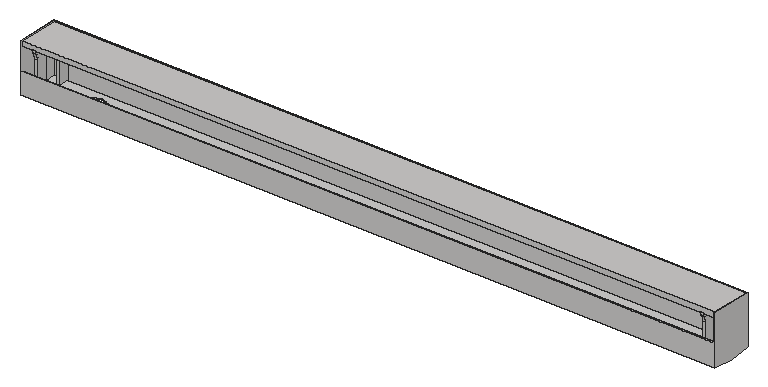
Revit family "PF_ST_RainTrak-O_ACO", category Plumbing Fixtures, Revit 2016 (continued)
Dimensions and locks
  aligned and locked: Extrusion 26 to cut or joined group 1 (Extrusion 1, Extrusion 2, Extrusion 3, Extrusion 4, Extrusion 5, Extrusion 6, Extrusion 7, Extrusion 8, Extrusion 9, Extrusion 10, Extrusion 11, Extrusion 12, Extrusion 13, Extrusion 14, Extrusion 15, Extrusion 16, Extrusion 17, Extrusion 18, Extrusion 19, Extrusion 20, Extrusion 21, Extrusion 22, Extrusion 23, Extrusion 24, Extrusion 25, Extrusion 26, Extrusion 27, Extrusion 28, Extrusion 29, Extrusion 30, Extrusion 31, Extrusion 32, Extrusion 33)
  aligned and locked: Extrusion 27 to cut or joined group 1
  aligned and locked: Extrusion 28 to cut or joined group 1
  aligned and locked: Extrusion 29 to cut or joined group 1
  aligned and locked: Extrusion 30 to cut or joined group 1
  aligned and locked: Extrusion 31 to cut or joined group 1
  aligned and locked: Extrusion 32 to cut or joined group 1
  aligned and locked: Extrusion 33 to cut or joined group 1
  aligned and locked: Extrusion 23 to cut or joined group 1
  aligned and locked: Extrusion 10 to plane 6 "connector_plane"
  aligned and locked: Extrusion 5 to plane 6 "connector_plane"
  aligned and locked: Extrusion 11 to plane 6 "connector_plane"
  aligned and locked: Extrusion 12 to plane 6 "connector_plane"
  aligned and locked: Extrusion 13 to plane 6 "connector_plane"
  aligned and locked: Extrusion 14 to plane 6 "connector_plane"
  aligned and locked: Extrusion 15 to plane 6 "connector_plane"
  aligned and locked: Extrusion 6 to plane 6 "connector_plane"
  aligned and locked: Extrusion 16 to plane 6 "connector_plane"
  aligned and locked: Extrusion 17 to plane 6 "connector_plane"
  aligned and locked: Extrusion 18 to plane 6 "connector_plane"
  aligned and locked: Extrusion 19 to plane 6 "connector_plane"
  aligned and locked: Extrusion 20 to plane 6 "connector_plane"
  aligned and locked: Extrusion 21 to plane 6 "connector_plane"
  aligned and locked: Extrusion 22 to plane 6 "connector_plane"
  aligned and locked: Extrusion 23 to plane 6 "connector_plane"
  aligned and locked: Extrusion 24 to plane 6 "connector_plane"
  aligned and locked: Extrusion 25 to plane 6 "connector_plane"
  aligned and locked: Extrusion 26 to plane 6 "connector_plane"
  aligned and locked: Extrusion 27 to plane 6 "connector_plane"
  aligned and locked: Extrusion 28 to plane 6 "connector_plane"
  aligned and locked: Extrusion 29 to plane 6 "connector_plane"
  aligned and locked: Extrusion 30 to plane 6 "connector_plane"
  aligned and locked: Extrusion 31 to plane 6 "connector_plane"
  aligned and locked: Extrusion 32 to plane 6 "connector_plane"
  aligned and locked: Extrusion 33 to plane 6 "connector_plane"
  aligned and locked: Extrusion 7 to plane 6 "connector_plane"
  aligned and locked: Extrusion 9 to plane 6 "connector_plane"
  aligned and locked: cut or joined group 1 to Extrusion 3 sketch curve
  aligned and locked: cut or joined group 1 to Extrusion 4 sketch curve
  aligned and locked: Extrusion 34 sketch curve to cut or joined group 1  (x4)
  aligned and locked: Extrusion 34 to curve 1
  aligned and locked: Extrusion 34 to cut or joined group 1
Automatic sketch dimensions
  Extrusion 3 sketch curve to plane 5 = 0 mm
  Extrusion 3 sketch curve to plane 1 "Center (Front/Back)" = 0 mm
  Extrusion 3 sketch curve to plane 4 = 0 mm
  plane 6 "connector_plane" to Extrusion 3 sketch curve = 5.3 mm
  plane 6 "connector_plane" to Extrusion 3 sketch curve = 5.145 mm
  plane 6 "connector_plane" to Extrusion 3 sketch curve = 1.207 mm
  Extrusion 3 sketch curve to Extrusion 3 sketch curve = 40 mm
  Extrusion 4 sketch curve to plane 5 = 0 mm
  Extrusion 4 sketch curve to plane 1 "Center (Front/Back)" = 0 mm
  Extrusion 4 sketch curve to plane 4 = 0 mm
  plane 6 "connector_plane" to Extrusion 4 sketch curve = 5.3 mm
  plane 6 "connector_plane" to Extrusion 4 sketch curve = 5.145 mm
  plane 6 "connector_plane" to Extrusion 4 sketch curve = 1.207 mm
  Extrusion 1 sketch curve to plane 1 "Center (Front/Back)" = 0.121 mm
  Extrusion 2 sketch curve to plane 1 "Center (Front/Back)" = 0 mm  (x2)
  Extrusion 2 sketch curve to plane 4 = 2 mm
  plane 6 "connector_plane" to Extrusion 2 sketch curve = 1.207 mm
  plane 6 "connector_plane" to Extrusion 2 sketch curve = 4.148 mm
  curve 1 to plane 6 "connector_plane" = 0 mm
  curve 30 to plane 6 "connector_plane" = 0 mm
  curve 2 to plane 6 "connector_plane" = 0 mm
  curve 29 to plane 6 "connector_plane" = 0 mm
  curve 3 to plane 6 "connector_plane" = 0 mm
  curve 28 to plane 6 "connector_plane" = 0 mm
  curve 4 to plane 6 "connector_plane" = 0 mm
  curve 27 to plane 6 "connector_plane" = 0 mm
  curve 5 to plane 6 "connector_plane" = 0 mm
  curve 26 to plane 6 "connector_plane" = 0 mm
  curve 6 to plane 6 "connector_plane" = 0 mm
  curve 25 to plane 6 "connector_plane" = 0 mm
  curve 7 to plane 6 "connector_plane" = 0 mm
  curve 24 to plane 6 "connector_plane" = 0 mm
  curve 8 to plane 6 "connector_plane" = 0 mm
  curve 23 to plane 6 "connector_plane" = 0 mm
  curve 9 to plane 6 "connector_plane" = 0 mm
  curve 22 to plane 6 "connector_plane" = 0 mm
  curve 10 to plane 6 "connector_plane" = 0 mm
  curve 21 to plane 6 "connector_plane" = 0 mm
  curve 11 to plane 6 "connector_plane" = 0 mm
  curve 20 to plane 6 "connector_plane" = 0 mm
  curve 12 to plane 6 "connector_plane" = 0 mm
  curve 19 to plane 6 "connector_plane" = 0 mm
  curve 13 to plane 6 "connector_plane" = 0 mm
  curve 18 to plane 6 "connector_plane" = 0 mm
  curve 14 to plane 6 "connector_plane" = 0 mm
  curve 17 to plane 6 "connector_plane" = 0 mm
  curve 15 to plane 6 "connector_plane" = 0 mm
  curve 16 to plane 6 "connector_plane" = 0 mm
  plane 6 "connector_plane" to curve 15 = 15 mm
  curve 16 to curve 15 = 0 mm
  curve 14 to curve 15 = 0 mm
  curve 17 to curve 14 = 0 mm
  curve 13 to curve 14 = 0 mm
  curve 18 to curve 13 = 0 mm
  curve 12 to curve 13 = 0 mm
  curve 19 to curve 12 = 0 mm
  curve 11 to curve 12 = 0 mm
  curve 20 to curve 11 = 0 mm
  curve 10 to curve 11 = 0 mm
  curve 21 to curve 10 = 0 mm
  curve 9 to curve 10 = 0 mm
  curve 22 to curve 9 = 0 mm
  curve 8 to curve 9 = 0 mm
  curve 23 to curve 8 = 0 mm
  curve 7 to curve 8 = 0 mm
  curve 24 to curve 7 = 0 mm
  curve 6 to curve 7 = 0 mm
  curve 25 to curve 6 = 0 mm
  curve 5 to curve 6 = 0 mm
  curve 26 to curve 5 = 0 mm
  curve 4 to curve 5 = 0 mm
  curve 27 to curve 4 = 0 mm
  curve 3 to curve 4 = 0 mm
  curve 28 to curve 3 = 0 mm
  curve 2 to curve 3 = 0 mm
  curve 29 to curve 2 = 0 mm
  plane 6 "connector_plane" to curve 1 = 15 mm
  curve 30 to curve 2 = 0 mm
  plane 1 "Center (Front/Back)" to Extrusion 5 sketch curve = 0 mm
  plane 1 "Center (Front/Back)" to Extrusion 6 sketch curve = 0 mm
  plane 1 "Center (Front/Back)" to Extrusion 7 sketch curve = 0 mm
  plane 1 "Center (Front/Back)" to Extrusion 8 sketch curve = 0 mm
  plane 1 "Center (Front/Back)" to Extrusion 9 sketch curve = 0 mm
  plane 1 "Center (Front/Back)" to Extrusion 10 sketch curve = 0 mm
  plane 1 "Center (Front/Back)" to Extrusion 11 sketch curve = 0 mm
  plane 1 "Center (Front/Back)" to Extrusion 12 sketch curve = 0 mm
  plane 1 "Center (Front/Back)" to Extrusion 13 sketch curve = 0 mm
  plane 1 "Center (Front/Back)" to Extrusion 14 sketch curve = 0 mm
  plane 1 "Center (Front/Back)" to Extrusion 15 sketch curve = 0 mm
  plane 1 "Center (Front/Back)" to Extrusion 16 sketch curve = 0 mm
  plane 1 "Center (Front/Back)" to Extrusion 17 sketch curve = 0 mm
  plane 1 "Center (Front/Back)" to Extrusion 18 sketch curve = 0 mm
  plane 1 "Center (Front/Back)" to Extrusion 19 sketch curve = 0 mm
  plane 1 "Center (Front/Back)" to Extrusion 20 sketch curve = 0 mm
  plane 1 "Center (Front/Back)" to Extrusion 21 sketch curve = 0 mm
  plane 1 "Center (Front/Back)" to Extrusion 22 sketch curve = 0 mm
  plane 1 "Center (Front/Back)" to Extrusion 23 sketch curve = 0 mm
  plane 1 "Center (Front/Back)" to Extrusion 24 sketch curve = 0 mm
  plane 1 "Center (Front/Back)" to Extrusion 25 sketch curve = 0 mm
  plane 1 "Center (Front/Back)" to Extrusion 26 sketch curve = 0 mm
  plane 1 "Center (Front/Back)" to Extrusion 27 sketch curve = 0 mm
  plane 1 "Center (Front/Back)" to Extrusion 28 sketch curve = 0 mm
  plane 1 "Center (Front/Back)" to Extrusion 29 sketch curve = 0 mm
  plane 1 "Center (Front/Back)" to Extrusion 30 sketch curve = 0 mm
  plane 1 "Center (Front/Back)" to Extrusion 31 sketch curve = 0 mm
  plane 1 "Center (Front/Back)" to Extrusion 32 sketch curve = 0 mm
  plane 1 "Center (Front/Back)" to Extrusion 33 sketch curve = 0 mm
Nested families
  nested 1: "gratings_RainTrak" at (1.5, 0, 0), depth_C_ANZRS <- "depth_01_C_ANZRS", length_C_ANZRS <- "grating_length", width_C_ANZRS <- "width_C_ANZRS", grating_index <- "grating_index", type_index <- "type_index", type <- "gratings", type "Affiner_grating"
    with width_C_ANZRS 75 mm, type_index 1, solids_visible_1 yes, length_C_ANZRS 1297 mm, grating_index 2, depth_C_ANZRS 95.3 mm
Connectors
  piping at (100, 0, -95.3), diameter 50.8, driven by "diameter_calculated"
    settings: on curve 1, index 1, connector inside diameter 609.6 mm, connector length 0 mm, flow factor 0, pipe flow 0.0 L/s, pressure drop 0.0 Pa, fitting loss kfactor 0, connector angle 0.00°, fixture units 0, engagement length 0 mm, angle of deflection 0.00°, flow configuration 0, flow direction 2, fitting loss method 0, system type 16, joint type 0, gender type 0, connector reference index -1, connector utility 0, adjustable connector no, is connector primary yes, connector description ""
  piping at (1400, 0, -95.3), diameter 50.8, driven by "diameter_calculated"
    settings: on curve 3, index 2, connector inside diameter 609.6 mm, connector length 0 mm, flow factor 0, pipe flow 0.0 L/s, pressure drop 0.0 Pa, fitting loss kfactor 0, connector angle 0.00°, fixture units 0, engagement length 0 mm, angle of deflection 0.00°, flow configuration 0, flow direction 2, fitting loss method 0, system type 16, joint type 0, gender type 0, connector reference index -1, connector utility 0, adjustable connector no, is connector primary no, connector description ""
  piping at (1400, 0, -95.3), diameter 50.8, driven by "diameter_calculated"
    settings: on curve 2, index 3, connector inside diameter 609.6 mm, connector length 0 mm, flow factor 0, pipe flow 0.0 L/s, pressure drop 0.0 Pa, fitting loss kfactor 0, connector angle 0.00°, fixture units 0, engagement length 0 mm, angle of deflection 0.00°, flow configuration 0, flow direction 2, fitting loss method 0, system type 16, joint type 0, gender type 0, connector reference index -1, connector utility 0, adjustable connector no, is connector primary no, connector description ""
  piping at (1400, 0, -95.3), diameter 50.8, driven by "diameter_calculated"
    settings: on curve 4, index 4, connector inside diameter 609.6 mm, connector length 0 mm, flow factor 0, pipe flow 0.0 L/s, pressure drop 0.0 Pa, fitting loss kfactor 0, connector angle 0.00°, fixture units 0, engagement length 0 mm, angle of deflection 0.00°, flow configuration 0, flow direction 2, fitting loss method 0, system type 16, joint type 0, gender type 0, connector reference index -1, connector utility 0, adjustable connector no, is connector primary no, connector description ""
  piping at (1400, 0, -95.3), diameter 50.8, driven by "diameter_calculated"
    settings: on curve 5, index 5, connector inside diameter 609.6 mm, connector length 0 mm, flow factor 0, pipe flow 0.0 L/s, pressure drop 0.0 Pa, fitting loss kfactor 0, connector angle 0.00°, fixture units 0, engagement length 0 mm, angle of deflection 0.00°, flow configuration 0, flow direction 2, fitting loss method 0, system type 16, joint type 0, gender type 0, connector reference index -1, connector utility 0, adjustable connector no, is connector primary no, connector description ""
  piping at (1400, 0, -95.3), diameter 50.8, driven by "diameter_calculated"
    settings: on curve 12, index 6, connector inside diameter 609.6 mm, connector length 0 mm, flow factor 0, pipe flow 0.0 L/s, pressure drop 0.0 Pa, fitting loss kfactor 0, connector angle 0.00°, fixture units 0, engagement length 0 mm, angle of deflection 0.00°, flow configuration 0, flow direction 2, fitting loss method 0, system type 16, joint type 0, gender type 0, connector reference index -1, connector utility 0, adjustable connector no, is connector primary no, connector description ""
  piping at (1400, 0, -95.3), diameter 50.8, driven by "diameter_calculated"
    settings: on curve 14, index 7, connector inside diameter 609.6 mm, connector length 0 mm, flow factor 0, pipe flow 0.0 L/s, pressure drop 0.0 Pa, fitting loss kfactor 0, connector angle 0.00°, fixture units 0, engagement length 0 mm, angle of deflection 0.00°, flow configuration 0, flow direction 2, fitting loss method 0, system type 16, joint type 0, gender type 0, connector reference index -1, connector utility 0, adjustable connector no, is connector primary no, connector description ""
  piping at (1400, 0, -95.3), diameter 50.8, driven by "diameter_calculated"
    settings: on curve 6, index 8, connector inside diameter 609.6 mm, connector length 0 mm, flow factor 0, pipe flow 0.0 L/s, pressure drop 0.0 Pa, fitting loss kfactor 0, connector angle 0.00°, fixture units 0, engagement length 0 mm, angle of deflection 0.00°, flow configuration 0, flow direction 2, fitting loss method 0, system type 16, joint type 0, gender type 0, connector reference index -1, connector utility 0, adjustable connector no, is connector primary no, connector description ""
  piping at (1400, 0, -95.3), diameter 50.8, driven by "diameter_calculated"
    settings: on curve 7, index 9, connector inside diameter 609.6 mm, connector length 0 mm, flow factor 0, pipe flow 0.0 L/s, pressure drop 0.0 Pa, fitting loss kfactor 0, connector angle 0.00°, fixture units 0, engagement length 0 mm, angle of deflection 0.00°, flow configuration 0, flow direction 2, fitting loss method 0, system type 16, joint type 0, gender type 0, connector reference index -1, connector utility 0, adjustable connector no, is connector primary no, connector description ""
  piping at (1400, 0, -95.3), diameter 50.8, driven by "diameter_calculated"
    settings: on curve 16, index 10, connector inside diameter 609.6 mm, connector length 0 mm, flow factor 0, pipe flow 0.0 L/s, pressure drop 0.0 Pa, fitting loss kfactor 0, connector angle 0.00°, fixture units 0, engagement length 0 mm, angle of deflection 0.00°, flow configuration 0, flow direction 2, fitting loss method 0, system type 16, joint type 0, gender type 0, connector reference index -1, connector utility 0, adjustable connector no, is connector primary no, connector description ""
  piping at (1400, 0, -95.3), diameter 50.8, driven by "diameter_calculated"
    settings: on curve 17, index 11, connector inside diameter 609.6 mm, connector length 0 mm, flow factor 0, pipe flow 0.0 L/s, pressure drop 0.0 Pa, fitting loss kfactor 0, connector angle 0.00°, fixture units 0, engagement length 0 mm, angle of deflection 0.00°, flow configuration 0, flow direction 2, fitting loss method 0, system type 16, joint type 0, gender type 0, connector reference index -1, connector utility 0, adjustable connector no, is connector primary no, connector description ""
  piping at (1400, 0, -95.3), diameter 50.8, driven by "diameter_calculated"
    settings: on curve 8, index 12, connector inside diameter 609.6 mm, connector length 0 mm, flow factor 0, pipe flow 0.0 L/s, pressure drop 0.0 Pa, fitting loss kfactor 0, connector angle 0.00°, fixture units 0, engagement length 0 mm, angle of deflection 0.00°, flow configuration 0, flow direction 2, fitting loss method 0, system type 16, joint type 0, gender type 0, connector reference index -1, connector utility 0, adjustable connector no, is connector primary no, connector description ""
  piping at (1400, 0, -95.3), diameter 50.8, driven by "diameter_calculated"
    settings: on curve 9, index 13, connector inside diameter 609.6 mm, connector length 0 mm, flow factor 0, pipe flow 0.0 L/s, pressure drop 0.0 Pa, fitting loss kfactor 0, connector angle 0.00°, fixture units 0, engagement length 0 mm, angle of deflection 0.00°, flow configuration 0, flow direction 2, fitting loss method 0, system type 16, joint type 0, gender type 0, connector reference index -1, connector utility 0, adjustable connector no, is connector primary no, connector description ""
  piping at (1400, 0, -95.3), diameter 50.8, driven by "diameter_calculated"
    settings: on curve 20, index 14, connector inside diameter 609.6 mm, connector length 0 mm, flow factor 0, pipe flow 0.0 L/s, pressure drop 0.0 Pa, fitting loss kfactor 0, connector angle 0.00°, fixture units 0, engagement length 0 mm, angle of deflection 0.00°, flow configuration 0, flow direction 2, fitting loss method 0, system type 16, joint type 0, gender type 0, connector reference index -1, connector utility 0, adjustable connector no, is connector primary no, connector description ""
  piping at (1400, 0, -95.3), diameter 50.8, driven by "diameter_calculated"
    settings: on curve 18, index 15, connector inside diameter 609.6 mm, connector length 0 mm, flow factor 0, pipe flow 0.0 L/s, pressure drop 0.0 Pa, fitting loss kfactor 0, connector angle 0.00°, fixture units 0, engagement length 0 mm, angle of deflection 0.00°, flow configuration 0, flow direction 2, fitting loss method 0, system type 16, joint type 0, gender type 0, connector reference index -1, connector utility 0, adjustable connector no, is connector primary no, connector description ""
  piping at (1400, 0, -95.3), diameter 50.8, driven by "diameter_calculated"
    settings: on curve 19, index 16, connector inside diameter 609.6 mm, connector length 0 mm, flow factor 0, pipe flow 0.0 L/s, pressure drop 0.0 Pa, fitting loss kfactor 0, connector angle 0.00°, fixture units 0, engagement length 0 mm, angle of deflection 0.00°, flow configuration 0, flow direction 2, fitting loss method 0, system type 16, joint type 0, gender type 0, connector reference index -1, connector utility 0, adjustable connector no, is connector primary no, connector description ""
  piping at (1400, 0, -95.3), diameter 50.8, driven by "diameter_calculated"
    settings: on curve 10, index 17, connector inside diameter 609.6 mm, connector length 0 mm, flow factor 0, pipe flow 0.0 L/s, pressure drop 0.0 Pa, fitting loss kfactor 0, connector angle 0.00°, fixture units 0, engagement length 0 mm, angle of deflection 0.00°, flow configuration 0, flow direction 2, fitting loss method 0, system type 16, joint type 0, gender type 0, connector reference index -1, connector utility 0, adjustable connector no, is connector primary no, connector description ""
  piping at (1400, 0, -95.3), diameter 50.8, driven by "diameter_calculated"
    settings: on curve 11, index 18, connector inside diameter 609.6 mm, connector length 0 mm, flow factor 0, pipe flow 0.0 L/s, pressure drop 0.0 Pa, fitting loss kfactor 0, connector angle 0.00°, fixture units 0, engagement length 0 mm, angle of deflection 0.00°, flow configuration 0, flow direction 2, fitting loss method 0, system type 16, joint type 0, gender type 0, connector reference index -1, connector utility 0, adjustable connector no, is connector primary no, connector description ""
  piping at (1400, 0, -95.3), diameter 50.8, driven by "diameter_calculated"
    settings: on curve 15, index 19, connector inside diameter 609.6 mm, connector length 0 mm, flow factor 0, pipe flow 0.0 L/s, pressure drop 0.0 Pa, fitting loss kfactor 0, connector angle 0.00°, fixture units 0, engagement length 0 mm, angle of deflection 0.00°, flow configuration 0, flow direction 2, fitting loss method 0, system type 16, joint type 0, gender type 0, connector reference index -1, connector utility 0, adjustable connector no, is connector primary no, connector description ""
  piping at (1400, 0, -95.3), diameter 50.8, driven by "diameter_calculated"
    settings: on curve 21, index 20, connector inside diameter 609.6 mm, connector length 0 mm, flow factor 0, pipe flow 0.0 L/s, pressure drop 0.0 Pa, fitting loss kfactor 0, connector angle 0.00°, fixture units 0, engagement length 0 mm, angle of deflection 0.00°, flow configuration 0, flow direction 2, fitting loss method 0, system type 16, joint type 0, gender type 0, connector reference index -1, connector utility 0, adjustable connector no, is connector primary no, connector description ""
  piping at (1400, 0, -95.3), diameter 50.8, driven by "diameter_calculated"
    settings: on curve 13, index 21, connector inside diameter 609.6 mm, connector length 0 mm, flow factor 0, pipe flow 0.0 L/s, pressure drop 0.0 Pa, fitting loss kfactor 0, connector angle 0.00°, fixture units 0, engagement length 0 mm, angle of deflection 0.00°, flow configuration 0, flow direction 2, fitting loss method 0, system type 16, joint type 0, gender type 0, connector reference index -1, connector utility 0, adjustable connector no, is connector primary no, connector description ""
  piping at (1400, 0, -95.3), diameter 50.8, driven by "diameter_calculated"
    settings: on curve 22, index 22, connector inside diameter 609.6 mm, connector length 0 mm, flow factor 0, pipe flow 0.0 L/s, pressure drop 0.0 Pa, fitting loss kfactor 0, connector angle 0.00°, fixture units 0, engagement length 0 mm, angle of deflection 0.00°, flow configuration 0, flow direction 2, fitting loss method 0, system type 16, joint type 0, gender type 0, connector reference index -1, connector utility 0, adjustable connector no, is connector primary no, connector description ""
  piping at (1400, 0, -95.3), diameter 50.8, driven by "diameter_calculated"
    settings: on curve 23, index 23, connector inside diameter 609.6 mm, connector length 0 mm, flow factor 0, pipe flow 0.0 L/s, pressure drop 0.0 Pa, fitting loss kfactor 0, connector angle 0.00°, fixture units 0, engagement length 0 mm, angle of deflection 0.00°, flow configuration 0, flow direction 2, fitting loss method 0, system type 16, joint type 0, gender type 0, connector reference index -1, connector utility 0, adjustable connector no, is connector primary no, connector description ""
  piping at (1400, 0, -95.3), diameter 50.8, driven by "diameter_calculated"
    settings: on curve 24, index 24, connector inside diameter 609.6 mm, connector length 0 mm, flow factor 0, pipe flow 0.0 L/s, pressure drop 0.0 Pa, fitting loss kfactor 0, connector angle 0.00°, fixture units 0, engagement length 0 mm, angle of deflection 0.00°, flow configuration 0, flow direction 2, fitting loss method 0, system type 16, joint type 0, gender type 0, connector reference index -1, connector utility 0, adjustable connector no, is connector primary no, connector description ""
  piping at (1400, 0, -95.3), diameter 50.8, driven by "diameter_calculated"
    settings: on curve 25, index 25, connector inside diameter 609.6 mm, connector length 0 mm, flow factor 0, pipe flow 0.0 L/s, pressure drop 0.0 Pa, fitting loss kfactor 0, connector angle 0.00°, fixture units 0, engagement length 0 mm, angle of deflection 0.00°, flow configuration 0, flow direction 2, fitting loss method 0, system type 16, joint type 0, gender type 0, connector reference index -1, connector utility 0, adjustable connector no, is connector primary no, connector description ""
  piping at (1400, 0, -95.3), diameter 50.8, driven by "diameter_calculated"
    settings: on curve 26, index 26, connector inside diameter 609.6 mm, connector length 0 mm, flow factor 0, pipe flow 0.0 L/s, pressure drop 0.0 Pa, fitting loss kfactor 0, connector angle 0.00°, fixture units 0, engagement length 0 mm, angle of deflection 0.00°, flow configuration 0, flow direction 2, fitting loss method 0, system type 16, joint type 0, gender type 0, connector reference index -1, connector utility 0, adjustable connector no, is connector primary no, connector description ""
  piping at (1400, 0, -95.3), diameter 50.8, driven by "diameter_calculated"
    settings: on curve 27, index 27, connector inside diameter 609.6 mm, connector length 0 mm, flow factor 0, pipe flow 0.0 L/s, pressure drop 0.0 Pa, fitting loss kfactor 0, connector angle 0.00°, fixture units 0, engagement length 0 mm, angle of deflection 0.00°, flow configuration 0, flow direction 2, fitting loss method 0, system type 16, joint type 0, gender type 0, connector reference index -1, connector utility 0, adjustable connector no, is connector primary no, connector description ""
  piping at (1400, 0, -95.3), diameter 50.8, driven by "diameter_calculated"
    settings: on curve 28, index 28, connector inside diameter 609.6 mm, connector length 0 mm, flow factor 0, pipe flow 0.0 L/s, pressure drop 0.0 Pa, fitting loss kfactor 0, connector angle 0.00°, fixture units 0, engagement length 0 mm, angle of deflection 0.00°, flow configuration 0, flow direction 2, fitting loss method 0, system type 16, joint type 0, gender type 0, connector reference index -1, connector utility 0, adjustable connector no, is connector primary no, connector description ""
  piping at (1400, 0, -95.3), diameter 50.8, driven by "diameter_calculated"
    settings: on curve 29, index 29, connector inside diameter 609.6 mm, connector length 0 mm, flow factor 0, pipe flow 0.0 L/s, pressure drop 0.0 Pa, fitting loss kfactor 0, connector angle 0.00°, fixture units 0, engagement length 0 mm, angle of deflection 0.00°, flow configuration 0, flow direction 2, fitting loss method 0, system type 16, joint type 0, gender type 0, connector reference index -1, connector utility 0, adjustable connector no, is connector primary no, connector description ""
  piping at (1400, 0, -95.3), diameter 50.8, driven by "diameter_calculated"
    settings: on curve 30, index 30, connector inside diameter 609.6 mm, connector length 0 mm, flow factor 0, pipe flow 0.0 L/s, pressure drop 0.0 Pa, fitting loss kfactor 0, connector angle 0.00°, fixture units 0, engagement length 0 mm, angle of deflection 0.00°, flow configuration 0, flow direction 2, fitting loss method 0, system type 16, joint type 0, gender type 0, connector reference index -1, connector utility 0, adjustable connector no, is connector primary no, connector description ""
Definition of nested family "gratings_RainTrak"
  Parameters (values of type "Affiner_grating")
    width_C_ANZRS [instance] = 123 mm
    type_index [instance] = 1
    solids_visible_1 [instance] = not(grating_index = 3)  # yes
    length_C_ANZRS [instance] = 1180 mm
    grating_index [instance] = 2
    depth_C_ANZRS [instance] = 40 mm
    Type Comments = "Do not add in BOM"  # constant formula
    Model = "RainTrak"  # constant formula
    Manufacturer = "ACO"  # constant formula
  Types (2, lengths in mm): name | grating_index
    Affiner_grating | 2
    Linéaire_grating | 1
  Reference planes
    plane 1 "Center (Front/Back)": y = 0
    plane 2: z = 0
    plane 3 "Center (Left/Right)": x = 0
  Dimensions and locks
    aligned and locked: level to plane 2
    aligned and locked: plane 1 "Center (Front/Back)" to nested 1
    aligned and locked: plane 3 "Center (Left/Right)" to nested 1
  Nested families
    nested 1: "ZZZ_do not use_PF_ST_gratings for RainTrak_ACO" at (0, 0, 0), depth_C_ANZRS <- "depth_C_ANZRS", length_C_ANZRS <- "length_C_ANZRS", width_C_ANZRS <- "width_C_ANZRS", grating_index <- "grating_index", type_index <- "type_index", type "std(nested)"
      with width_C_ANZRS 123 mm, type_index 1, solids_visible yes, product_index 2, net_mass_S_ANZRS 0.00 kg, material_C_ANZRS none, length_C_ANZRS 1180 mm, grating_index 2, description_C_ANZRS "Gratings for RainTrak", desc_uk "Gratings for RainTrak", depth_C_ANZRS 40 mm, depth_01_C_ANZRS 34.7 mm, code_gtin_C_ANZRS "-", code_article_C_ANZRS "-"
  Definition of nested family "ZZZ_do not use_PF_ST_gratings for RainTrak_ACO"
    Parameters (values of type "std(nested)")
      width_C_ANZRS [instance] = 75 mm
      type_index [instance] = 1
      solids_visible [instance] = yes
      region_index = 1  # constant formula
      product_index [instance] = size_lookup(lookup_table_name, "pi", 0, type_index, grating_index)  # 1
      product_assortment_C_ANZRS = "RainTrak"  # constant formula
      net_mass_S_ANZRS [instance] = 0.00 kg
      material_C_ANZRS [instance] = none
      lookup_table_name = "RainTrak"  # constant formula
      length_C_ANZRS [instance] = 1180 mm
      intended_use_C_ANZRS = if(region_index = 1, "Drainage systems", if(region_index = 2, "Entwässerungssysteme", if(region_index = 3, "Afvoersystemen", "0")))  # "Drainage systems"
      instructions_for_use = "www.acobuildline.com.au/product-support/downloads"
      installation_manual = "www.acobuildline.com.au/product-support/downloads"
      info_technical_C_ANZRS = "www.acobuildline.com.au/products/raintrak/"
      info_commercial_C_ANZRS = "www.acobuildline.com.au/product-support/downloads"
      grating_index [instance] = 1
      e-mail sales = "sales@acoaus.com.au"
      e-mail Technical = "sales@acoaus.com.au"
      diameter_C_ANZRS = 44 mm  # constant formula
      diameter_01_C_ANZRS = 35.4 mm  # constant formula
      description_C_ANZRS [instance] = if(region_index = 1, desc_uk, if(region_index = 2, desc_ge, if(region_index = 3, desc_nl, "0")))  # "Gratings for RainTrak"
      desc_uk [instance] = "Gratings for RainTrak"  # constant formula
      desc_nl = "-"  # constant formula
      desc_ge = "-"  # constant formula
      depth_C_ANZRS [instance] = 100 mm
      depth_01_C_ANZRS [instance] = depth_C_ANZRS - 5.3 mm  # 94.7 mm
      content_version_C_ANZRS = "1.0"  # constant formula
      content_creator_C_ANZRS = "ACO Technology Centre, INDIA"  # constant formula
      code_specification_URL_C_ANZRS = ""
      code_gtin_C_ANZRS [instance] = "-"  # constant formula
      code_article_C_ANZRS [instance] = "-"  # constant formula
      URL = "www.acobuildline.com.au"
      Telephone = " +61 2 4747 4000"  # constant formula
      Model = "RainTrak"  # constant formula
      Manufacturer = "ACO Pty Ltd"  # constant formula
      IfcExportType = "RECTANGULAR"  # constant formula
      IfcExportAs = "IfcGridType"  # constant formula
      IfcDescription = Description  # "Threshold door drainage"
      Fax = " +61 2 4747 4040"  # constant formula
      Description = "Threshold door drainage"  # constant formula
      Address = "134-140 Old Bathurst Road, Emu Plains, NSW 2750, Australia"  # constant formula
    Reference planes
      plane 1 "Center (Front/Back)": y = 0
      plane 2: z = 0
      plane 3 "Center (Left/Right)": x = 0
      plane 4: z = -9
    Forms (mm)
      Extrusion 1, solid, material <- "material_C_ANZRS", visible <- "solids_visible"
        sketch origin (0, 0, 0) x (1, 0, 0) y (0, 1, 0)
          loop
            line (0, 37.5) -> (0, -37.5) -> (1180, -37.5) -> (1180, 37.5) -> (0, 37.5)
        from 0 to -9
      Extrusion 2, solid, material <- "material_C_ANZRS", visible <- "solids_visible"
        sketch origin (1180, 24, 0.2) x (0, 1, 0) y (0, 0, -1)
          loop
            line (-61.5, 9.2) -> (13.5, 9.2) -> (13.5, 94.9) -> (-4.484, 94.9) -> (-4.484, 21.208)
            arc (-4.484, 21.208) -> (-20.89, 13.866) -> (-37.295, 21.208) r 22
            line (-37.295, 21.208) -> (-37.295, 94.9) -> (-56.725, 94.9) -> (-56.725, 25.793)
            arc (-56.725, 25.793) -> (-57.962, 19.292) -> (-61.5, 13.7) r 17.7
            line (-61.5, 13.7) -> (-61.5, 9.2)
        from 20.473 to 25.584
      Extrusion 3, solid, material <- "material_C_ANZRS", visible <- "solids_visible"
        sketch origin (45.584, 24, 0.2) x (0, 1, 0) y (0, 0, -1)
          loop
            line (-61.5, 9.2) -> (13.5, 9.2) -> (13.5, 94.9) -> (-4.484, 94.9) -> (-4.484, 21.208)
            arc (-4.484, 21.208) -> (-20.89, 13.866) -> (-37.295, 21.208) r 22
            line (-37.295, 21.208) -> (-37.295, 94.9) -> (-56.725, 94.9) -> (-56.725, 25.793)
            arc (-56.725, 25.793) -> (-57.962, 19.292) -> (-61.5, 13.7) r 17.7
            line (-61.5, 13.7) -> (-61.5, 9.2)
        from 20.473 to 25.584
    Dimensions and locks
      equal spacing: Extrusion 1 sketch curve, plane 1 "Center (Front/Back)", Extrusion 1 sketch curve
      "width_C_ANZRS": Extrusion 1 sketch curve to Extrusion 1 sketch curve
      "length_C_ANZRS": Extrusion 1 sketch curve to Extrusion 1 sketch curve
      locked: Extrusion 2 to Extrusion 2 at 5.111
      locked: Extrusion 1 to Extrusion 2 at 20.473
      locked: Extrusion 3 to Extrusion 3 at 5.111
      locked: Extrusion 3 to plane 3 "Center (Left/Right)" at 20
      locked: level to plane 4 at 9
      "depth_01_C_ANZRS": level to Extrusion 3 sketch curve
      locked: Extrusion 3 sketch curve to plane 4 at 4.666
      locked: Extrusion 3 sketch curve to Extrusion 1 at 26.666
      locked: Extrusion 3 sketch curve to plane 1 "Center (Front/Back)" at 3.11
      locked: level to Extrusion 3 at 13.666
      locked: Extrusion 2 sketch curve to plane 4 at 26.666
      locked: Extrusion 3 to plane 4 at 4.666
      locked: Extrusion 3 sketch curve to Extrusion 3 sketch curve at 32.812
      locked: Extrusion 2 sketch curve to Extrusion 2 sketch curve at 32.812
      "depth_01_C_ANZRS": level to Extrusion 2 sketch curve
      "diameter_01_C_ANZRS": diameter of Extrusion 3 sketch curve
      "diameter_01_C_ANZRS": diameter of Extrusion 3
      "diameter_C_ANZRS": diameter of Extrusion 2 sketch curve
      "diameter_01_C_ANZRS": diameter of Extrusion 2 sketch curve
      aligned and locked: level to plane 2
      aligned and locked: plane 3 "Center (Left/Right)" to Extrusion 1 sketch curve
      aligned and locked: level to Extrusion 1
      aligned and locked: Extrusion 2 sketch curve to Extrusion 2 sketch curve
      aligned and locked: Extrusion 2 sketch curve to Extrusion 1  (x2)
      aligned and locked: Extrusion 3 sketch curve to Extrusion 3 sketch curve
      aligned and locked: Extrusion 3 sketch curve to Extrusion 1  (x2)
      aligned and locked: plane 4 to Extrusion 1
      aligned and locked: Extrusion 3 sketch curve to plane 4
    Automatic sketch dimensions
      plane 4 to Extrusion 2 sketch curve = 0 mm
      Extrusion 2 sketch curve to Extrusion 2 sketch curve = 12.925 mm
      plane 1 "Center (Front/Back)" to Extrusion 2 sketch curve = 13.295 mm
      Extrusion 2 sketch curve to plane 1 "Center (Front/Back)" = 3.11 mm
      Extrusion 2 sketch curve to Extrusion 2 sketch curve = 4.5 mm
      Extrusion 3 sketch curve to Extrusion 3 sketch curve = 12.925 mm
      plane 1 "Center (Front/Back)" to Extrusion 3 sketch curve = 13.295 mm
      Extrusion 3 sketch curve to Extrusion 3 sketch curve = 4.5 mm
Types (3, lengths in mm): name | width_C_ANZRS | type_index | sill_depth01 | sill_depth | product_index | outlet_number | outlet_dia | min_end_dist | length_01_C_ANZRS | gratings | grating_length | grating_index | drain_position_calculated_9 | drain_position_calculated_8 | drain_position_calculated_7 | drain_position_calculated_6 | drain_position_calculated_5 | drain_position_calculated_4 | drain_position_calculated_30 | drain_position_calculated_3 | drain_position_calculated_29 | drain_position_calculated_28 | drain_position_calculated_27 | drain_position_calculated_26 | drain_position_calculated_25 | drain_position_calculated_24 | drain_position_calculated_23 | drain_position_calculated_22 | drain_position_calculated_21 | drain_position_calculated_20 | drain_position_calculated_2 | drain_position_calculated_19 | drain_position_calculated_18 | drain_position_calculated_17 | drain_position_calculated_16 | drain_position_calculated_15 | drain_position_calculated_14 | drain_position_calculated_13 | drain_position_calculated_12 | drain_position_calculated_11 | drain_position_calculated_10 | drain_position_calculated_1 | drain_position_30 | drain_position_29 | drain_position_28 | drain_position_27 | drain_position_26 | drain_position_25 | drain_position_24 | drain_position_23 | drain_position_12 | diameter_calculated | D1_calculated | D2_calculated | D3_calculated | description_C_ANZRS | depth_calculated02 | depth_calculated01 | depth_03_C_ANZRS | depth_02_C_ANZRS | depth_01_C_ANZRS | code_article_C_ANZRS | channel_length | channel_depth | Assembly Code
  RainTrak-O-75mm width | 75 | 1 | 50 | 50 | 2 | 1 | 50 | 1249.2 | 1300 | gratings_RainTrak : Affiner_grating | 1297 | 2 | 1400 | 1400 | 1400 | 1400 | 1400 | 1400 | 1400 | 1400 | 1400 | 1400 | 1400 | 1400 | 1400 | 1400 | 1400 | 1400 | 1400 | 1400 | 1400 | 1400 | 1400 | 1400 | 1400 | 1400 | 1400 | 1400 | 1400 | 1400 | 1400 | 100 | 6000 | 5800 | 5600 | 5400 | 5200 | 5000 | 4800 | 4400 | 2200 | 50.8 | 50.8 | 50.8 | 50.8 | "ACO RainTrak-O 75mm wide with Affiner grate (nominal)" | 50 | 40 | 50 | 40 | 95.3 | "RT075A" | 1300 | 40 | "D2040300"
  RainTrak-O-100mm width | 100 | 2 | 20 | 20 | 4 | 1 | 78 | 1411.1 | 1500 | gratings_RainTrak : Affiner_grating | 1497 | 2 | 1600 | 1600 | 1600 | 1600 | 1600 | 1600 | 1600 | 1600 | 1600 | 1600 | 1600 | 1600 | 1600 | 1600 | 1600 | 1600 | 1600 | 1600 | 1600 | 1600 | 1600 | 1600 | 1600 | 1600 | 1600 | 1600 | 1600 | 1600 | 1600 | 100 | 6200 | 6000 | 5800 | 5600 | 5400 | 5200 | 5000 | 4800 | 2200 | 88.9 | 63.5 | 88.9 | 88.9 | "ACO RainTrak-O 100mm wide with Affiner grate (nominal)" | 20 | 50 | 20 | 50 | 75.3 | "RT0100A" | 1500 | 50 | 0
  RainTrak-O-123mm width | 123 | 3 | 60 | 70 | 5 | 2 | 150 | 1398.4 | 1500 | gratings_RainTrak : Linéaire_grating | 1497 | 1 | 1600 | 1600 | 1600 | 1600 | 1600 | 1600 | 1600 | 1600 | 1600 | 1600 | 1600 | 1600 | 1600 | 1600 | 1600 | 1600 | 1600 | 1600 | 254 | 1600 | 1600 | 1600 | 1600 | 1600 | 1600 | 1600 | 1600 | 1600 | 1600 | 101.6 | 6000 | 5800 | 5600 | 5400 | 5200 | 5000 | 4800 | 4400 | 2300 | 101.6 | 63.5 | 88.9 | 101.6 | "ACO RainTrak-O 123mm wide with Linéaire grate (nominal)" | 70 | 50 | 70 | 50 | 125.3 | "RT0123L" | 1500 | 60 | 0
